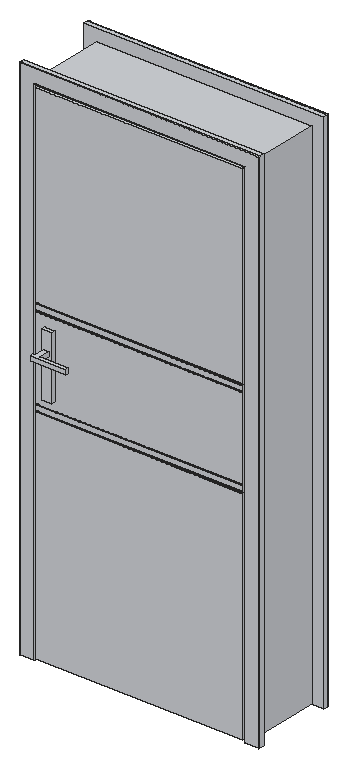
Revit family "PortaVECTORbp_C", category Drzwi, Revit 2016
Family settings
  Obiekt nadrzędny = Ściana
  Zawsze pionowo = Tak
  Tnij formami wycięć po wczytaniu = Nie
  Współdzielony = Nie
  Punkt obliczania pomieszczeń = Nie
Parameters (values of type "PN 80")
  Zakres szerokości muru [instance] = if(and(Szerokość ściany > 94 mm, Szerokość ściany < 120 mm), "B", (if(and(Szerokość ściany > 119 mm, Szerokość ściany < 140 mm), "C", (if(and(Szerokość ściany > 139 mm, Szerokość ściany < 160 mm), "D", (if(and(Szerokość ściany > 159 mm, Szerokość ściany < 180 mm), "E", (if(and(Szerokość ściany > 179 mm, Szerokość ściany < 200 mm), "F", (if(and(Szerokość ściany > 199 mm, Szerokość ściany < 220 mm), "G", (if(and(Szerokość ściany > 219 mm, Szerokość ściany < 240 mm), "H", (if(and(Szerokość ściany > 239 mm, Szerokość ściany < 260 mm), "I", (if(and(Szerokość ściany > 259 mm, Szerokość ściany < 280 mm), "J", (if(and(Szerokość ściany > 279 mm, Szerokość ściany < 301 mm), "K", "BRAK")))))))))))))))))))  # "K"
  Wysokość brutto = 2060 mm
  Szerokość ściany [instance] = 300 mm
  Szerokość brutto = 880 mm
  Model = "Porta Vector C"
  Konstrukcja analityczna = "<Brak>"
  Funkcja = Wewnętrzna
  URL = "www.porta.com.pl"
  Ss = 818 mm
  Sb = 846 mm
  Producent = "PORTA KMI POLAND"
  Keynote = ""
  Opis = "Własność Porta KMI Poland, wszelkie prawa zastrzeżone."  # constant formula
  Wysokość = 2016 mm
  Zakończenie ściany = Wg obiektu nadrzędnego
  Szerokość = 800 mm
  Materiał_skrzydło [instance] = none
  Materiał_ościeżnica [instance] = none
  Materiał_klamka [instance] = none
  Hs = 2017 mm
Types (5, lengths in mm): name | Szerokość brutto | Ss | Sb | Szerokość
  PN 70 | 780 | 718 | 746 | 700
  PN 60 | 680 | 618 | 646 | 600
  PN 80 | 880 | 818 | 846 | 800
  PN 90 | 980 | 918 | 946 | 900
  PN 100 | 1080 | 1018 | 1046 | 1000
Reference planes
  plane 1: y = 0
  plane 2 "Środek (Lewa/Prawa)": x = 0
  plane 3 "Lewy": x = -440
  plane 4 "Prawy": x = 440
  plane 5: z = 2060
  plane 6 "Zewnętrzna": y = 150
  plane 7 "Wewnętrzna": y = -150
  plane 8 "skrzydło": y = -129
Forms (mm)
  Sweep 1, solid, material <- "Materiał_ościeżnica"
    path in 3D
      loop
        line (-440, -150, 0) -> (-440, -150, 2060) -> (440, -150, 2060) -> (440, -150, 0)
    profile origin (-440, -150, 1030) x (0, -1, 0) y (1, 0, 0)
      loop
        line (-24, 39) -> (-72, 39) -> (-72, 17) -> (0, 17) -> (0, -33) -> (16, -33)
        arc (16, -33) -> (18.121, -32.121) -> (19, -30) r 3
        line (19, -30) -> (19, 24)
        arc (19, 24) -> (18.121, 26.121) -> (16, 27) r 3
        line (16, 27) -> (-24, 27) -> (-24, 39)
  Sweep 2, solid, material <- "Materiał_ościeżnica"
    path in 3D
      loop
        line (440, 150, 0) -> (440, 150, 2060) -> (-440, 150, 2060) -> (-440, 150, 0)
    profile origin (-440, 150, 1030) x (1, 0, 0) y (0, 1, 0)
      loop
        line (-33, 0) -> (17, 0) -> (17, -228) -> (39, -228) -> (39, -1)
        arc (39, -1) -> (37.536, 2.536) -> (34, 4) r 5
        line (34, 4) -> (25, 4) -> (25, 16)
        arc (25, 16) -> (24.121, 18.121) -> (22, 19) r 3
        line (22, 19) -> (-30, 19)
        arc (-30, 19) -> (-32.121, 18.121) -> (-33, 16) r 3
        line (-33, 16) -> (-33, 0)
  Sweep 3, solid, not visible
    path in 3D
      loop
        line (-440, -150, 0) -> (-440, -150, 2060)
    profile origin (-440, -150, 1030) x (0, -1, 0) y (1, 0, 0)
      loop
        line (-151, 17) -> (-149, 17) -> (-149, 19) -> (-151, 19) -> (-151, 17)
Cuts and joins
  joined: Sweep 1, Sweep 2
Lines and regions (mm)
  Opening 1
    outline origin (-3050, -150, 0) x (1, 0, 0) y (0, 0, 1)
      loop
        line (2610, 0) -> (3490, 0) -> (3490, 2060) -> (2610, 2060) -> (2610, 0)
  sketch lines
    curve 1: line (-440, -150, 0) -> (-440, -150, 2060)
    curve 2: line (-440, -150, 2060) -> (440, -150, 2060)
    curve 3: line (440, -150, 2060) -> (440, -150, 0)
    curve 4: line (-440, 150, 2060) -> (-440, 150, 0)
    curve 5: line (440, 150, 2060) -> (-440, 150, 2060)
    curve 6: line (440, 150, 0) -> (440, 150, 2060)
    curve 12: line (-440, -150, 0) -> (-440, -150, 2060)
  symbolic lines, style "DoorsPanelProjection"
    curve 7: line (409, -150, 0) -> (409, -968, 0)
    curve 8: line (409, -968, 0) -> (369, -968, 0)
    curve 9: line (369, -968, 0) -> (369, -150, 0)
    curve 10: line (369, -150, 0) -> (409, -150, 0)
  symbolic lines, style "Ugięcie rzutu"
    curve 11: arc (-409, -150, 0) -> (-169.413, -728.413, 0) -> (409, -968, 0) r 818
Text (mm)
  text "Zewnętrzna" at (-2295.016, 1099.543, 0), in view "Poziom odniesienia"
  text "Zewnętrzna" at (0, 1615.38, 3698.081), in view "Lewy"
  text "Zewnętrzna" at (0, 1036.032, 3874.932), in view "Prawy"
Dimensions and locks
  equal spacing: plane 3 "Lewy", plane 2 "Środek (Lewa/Prawa)", plane 4 "Prawy"
  "Szerokość brutto": plane 3 "Lewy" to plane 4 "Prawy"
  "Wysokość brutto": plane 5 to host wall
  host wall to plane 5 = 2060 mm  (x2)
  locked: plane 6 "Zewnętrzna" to host wall at 0
  locked: plane 7 "Wewnętrzna" to host wall
  "Sb": Sweep 1 to Sweep 1
  locked: Sweep 1 sketch curve to Sweep 1 sketch curve at 22
  Sweep 1 sketch curve to Sweep 1 sketch curve = 50 mm
  locked: Sweep 1 sketch curve to profile plane at 72
  locked: Sweep 2 sketch curve to Sweep 2 sketch curve at 50
  locked: Sweep 2 sketch curve to Sweep 2 sketch curve at 22
  locked: Sweep 2 sketch curve to plane 6 "Zewnętrzna" at 1
  locked: curve 9 to curve 7 at 40
  "Ss": curve 8 to curve 10
  equal spacing: curve 11, plane 2 "Środek (Lewa/Prawa)", curve 7
  locked: plane 7 "Wewnętrzna" to plane 8 "skrzydło" at 21
  locked: host wall to Sweep 3 sketch curve at 1
  locked: Sweep 3 sketch curve to host wall at 1
  locked: Sweep 3 sketch curve to plane 6 "Zewnętrzna" at 151
  locked: plane 7 "Wewnętrzna" to Sweep 3 sketch curve at 151
  equal spacing: nested 1, plane 2 "Środek (Lewa/Prawa)", nested 1
  locked: nested 1 to level at 8
  "Szerokość ściany": host wall to host wall
  aligned and locked: plane 3 "Lewy" to Opening 1 sketch curve
  aligned and locked: plane 5 to Opening 1 sketch curve  (x2)
  aligned and locked: Opening 1 sketch curve to plane 4 "Prawy"
  aligned and locked: Opening 1 sketch curve to level
  aligned and locked: plane 1 to host wall
  aligned and locked: Sweep 1 to Sweep 2 sketch curve
  aligned and locked: plane 7 "Wewnętrzna" to curve 10
  aligned and locked: Sweep 3 sketch curve to cut or joined group of Sweep 1, Sweep 2
  aligned and locked: Sweep 2 sketch curve to cut or joined group of Sweep 1, Sweep 2
  aligned and locked: nested 1 to plane 8 "skrzydło"
Automatic sketch dimensions
  profile plane to Sweep 1 sketch curve = 24 mm
  Sweep 1 sketch curve to profile plane = 16 mm  (x2)
  Sweep 1 sketch curve to Sweep 1 sketch curve = 3 mm
  profile plane to Sweep 1 sketch curve = 17 mm
  Sweep 1 sketch curve to Sweep 1 sketch curve = 7 mm
  Sweep 1 sketch curve to profile plane = 0 mm
  Sweep 2 sketch curve to profile plane = 0 mm
  Sweep 2 sketch curve to profile plane = 16 mm
  Sweep 2 sketch curve to Sweep 2 sketch curve = 3 mm
  Sweep 2 sketch curve to Sweep 2 sketch curve = 5 mm
  Sweep 2 sketch curve to profile plane = 4 mm
  Sweep 2 sketch curve to Sweep 2 sketch curve = 8 mm
  curve 11 to host wall = 0 mm
  Sweep 3 sketch curve to Sweep 3 sketch curve = 2 mm
Nested families
  nested 1: "skrzydło" at (0, -135.5, 0), Materiał_klamka <- "Materiał_klamka", Materiał_skrzydło <- "Materiał_skrzydło", type "skrzydło"
    with Materiał_skrzydło none, Materiał_klamka none
Definition of nested family "skrzydło"
  Parameters
    Ss = 818 mm
    Materiał_skrzydło [instance] = none
    Materiał_klamka [instance] = none
    Hs = 2017 mm
  Reference planes
    plane 1 "Tył": y = 6.5
    plane 2: z = 0
    plane 3 "Środek (Lewa/Prawa)": x = 0
    plane 4 "Lewa": x = -409
    plane 5 "Prawa": x = 409
    plane 6 "Przód": y = -33.5
    plane 7: z = 2025
    plane 8 "Centrum": y = -13.5
    plane 9: z = 8
  Forms (mm)
    Extrusion 1, solid, material <- "Materiał_skrzydło"
      sketch origin (-1191.728, -1524, 8) x (-1, 0, 0) y (0, -1, 0)
        loop
          line (-1600.728, -1490.5) -> (-1600.728, -1530.5) -> (-782.728, -1530.5) -> (-782.728, -1490.5) -> (-1600.728, -1490.5)
      from 0 to 2017
    Extrusion 2, void
      sketch origin (-409, 1871.473, 1200) x (0, -1, 0) y (0, 0, 1)
        loop
          line (1904.973, -321) -> (1904.973, -316.5) -> (1903.973, -317.5) -> (1903.973, -320) -> (1904.973, -321)
        loop
          line (1904.973, -295) -> (1904.973, -290.5) -> (1903.973, -291.5) -> (1903.973, -294) -> (1904.973, -295)
        loop
          line (1864.973, -321) -> (1865.973, -320) -> (1865.973, -317.5) -> (1864.973, -316.5) -> (1864.973, -321)
        loop
          line (1864.973, -295) -> (1865.973, -294) -> (1865.973, -291.5) -> (1864.973, -290.5) -> (1864.973, -295)
        loop
          line (1904.973, 34) -> (1904.973, 38.5) -> (1903.973, 37.5) -> (1903.973, 35) -> (1904.973, 34)
        loop
          line (1904.973, 60) -> (1904.973, 64.5) -> (1903.973, 63.5) -> (1903.973, 61) -> (1904.973, 60)
        loop
          line (1864.973, 34) -> (1865.973, 35) -> (1865.973, 37.5) -> (1864.973, 38.5) -> (1864.973, 34)
        loop
          line (1864.973, 60) -> (1865.973, 61) -> (1865.973, 63.5) -> (1864.973, 64.5) -> (1864.973, 60)
      from 0 to -818
  Cuts and joins
    Extrusion 2 cuts Extrusion 1
  Dimensions and locks
    equal spacing: plane 4 "Lewa", plane 3 "Środek (Lewa/Prawa)", plane 5 "Prawa"
    "Ss": plane 4 "Lewa" to plane 5 "Prawa"
    locked: plane 9 to level at 8
    "Hs": plane 7 to plane 9
    locked: nested 1 to plane 9 at 934
    locked: plane 9 to nested 2 at 934
    equal spacing: plane 6 "Przód", plane 8 "Centrum", plane 1 "Tył"
    locked: plane 4 "Lewa" to nested 1 at 55
    locked: plane 4 "Lewa" to nested 2 at 55
    aligned and locked: nested 1 to plane 6 "Przód"
    aligned and locked: plane 4 "Lewa" to Extrusion 1 sketch curve
    aligned and locked: plane 7 to Extrusion 1
    aligned and locked: nested 2 to nested 1
    aligned and locked: Extrusion 1 sketch curve to plane 5 "Prawa"
    aligned and locked: plane 5 "Prawa" to Extrusion 2
  Automatic sketch dimensions
    Extrusion 1 sketch curve to plane 6 "Przód" = 0 mm
    plane 1 "Tył" to Extrusion 1 sketch curve = 0 mm
    Extrusion 2 sketch curve to plane 1 "Tył" = 0 mm  (x4)
    Extrusion 2 sketch curve to plane 6 "Przód" = 0 mm  (x4)
    plane 1 "Tył" to Extrusion 2 sketch curve = 1 mm  (x4)
    plane 6 "Przód" to Extrusion 2 sketch curve = 1 mm  (x4)
    plane 9 to Extrusion 2 sketch curve = 871 mm
    Extrusion 2 sketch curve to Extrusion 2 sketch curve = 0 mm  (x2)
    Extrusion 2 sketch curve to Extrusion 2 sketch curve = 1 mm  (x16)
    Extrusion 2 sketch curve to Extrusion 2 sketch curve = 2.5 mm  (x8)
    Extrusion 2 sketch curve to Extrusion 2 sketch curve = 21.5 mm  (x4)
    Extrusion 2 sketch curve to Extrusion 2 sketch curve = 324.5 mm
  Nested families
    nested 1: "KLAMKA" at (-354, -33.5, 1067), Materiał klamki <- "Materiał_klamka", type "KLAMKA"
      with Materiał klamki none
    nested 2: "KLAMKA" at (-354, 6.5, 1067), Materiał klamki <- "Materiał_klamka", type "KLAMKA"
      with Materiał klamki none
  Definition of nested family "KLAMKA"
    Parameters
      Materiał klamki [instance] = none
      Assembly Code = ""
      Default Elevation = 1219.2 mm
    Reference planes
      plane 1 "Center (Front/Back)": y = 0
      plane 2: z = 0
      plane 3 "Center (Left/Right)": x = 0
      plane 4: z = 125
      plane 5: z = -125
      plane 6: x = 20
      plane 7: x = -20
      plane 8: y = -70
      plane 9: y = -60
      plane 10: x = 10
      plane 11: x = -10
      plane 12: x = 120
      plane 13: z = 35
      plane 14: z = 55
      plane 15: y = -15
    Forms (mm)
      Extrusion 1, solid, material <- "Materiał klamki"
        sketch origin (0, 0, 0) x (1, 0, 0) y (0, 0, 1)
          loop
            line (-20, 125) -> (-20, -125) -> (20, -125) -> (20, 125) -> (-20, 125)
        from 0 to 15
      Extrusion 2, solid, material <- "Materiał klamki"
        sketch origin (0, 0, 0) x (1, 0, 0) y (0, 1, 0)
          loop
            line (-10, -15) -> (-10, -60) -> (-20, -60) -> (-20, -70) -> (120, -70) -> (120, -60) -> (10, -60) -> (10, -15) -> (-10, -15)
        from 35 to 55
    Dimensions and locks
      equal spacing: plane 4, plane 2, plane 5
      plane 4 to plane 5 = 250 mm
      equal spacing: plane 7, plane 3 "Center (Left/Right)", plane 6
      plane 7 to plane 6 = 40 mm
      plane 8 to plane 1 "Center (Front/Back)" = 70 mm
      plane 11 to plane 3 "Center (Left/Right)" to plane 10 = 10 mm locked, 10 mm locked
      plane 7 to plane 12 = 140 mm
      plane 15 to plane 1 "Center (Front/Back)" = 15 mm
      aligned and locked: plane 7 to Extrusion 1 sketch curve
      aligned and locked: Extrusion 1 sketch curve to plane 4
      aligned and locked: plane 5 to Extrusion 1 sketch curve
      aligned and locked: Extrusion 1 sketch curve to plane 6
      aligned and locked: plane 15 to Extrusion 1
      aligned and locked: Extrusion 1 to plane 1 "Center (Front/Back)"
      aligned and locked: plane 14 to Extrusion 2
      aligned and locked: Extrusion 2 to plane 13
    Automatic sketch dimensions
      Extrusion 2 sketch curve to plane 7 = 0 mm
      Extrusion 2 sketch curve to plane 9 = 0 mm  (x2)
      Extrusion 2 sketch curve to plane 11 = 0 mm
      Extrusion 2 sketch curve to plane 10 = 0 mm
      Extrusion 2 sketch curve to plane 12 = 0 mm
      Extrusion 2 sketch curve to plane 8 = 0 mm
      Extrusion 2 sketch curve to plane 15 = 0 mm
